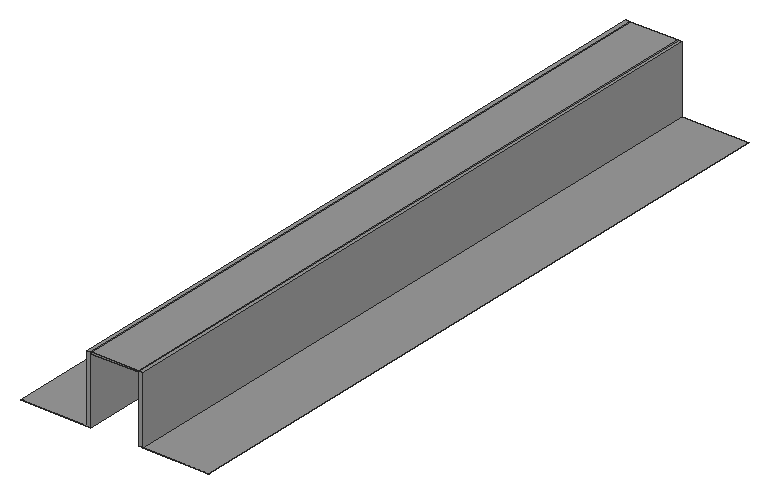
Revit family "OKA-G Installationkanal mit Gewebe_blind_Höhe 40-240mm", category Generic Models, Revit 2015
Parameters (values of type "OKA-G20040240")
  Width = 200 mm
  URL = "http://www.obo-bettermann.com"
  Material = Steel, Galvanized
  Manufacturer Art. No. = "7424020"
  Manufacturer = "OBO Bettermann"
  Length [instance] = 2400 mm
  Height [instance] = 240 mm
  GTIN = "4012195243007"
  Article Type = "OKA-G20040240"
Types (6, lengths in mm): name | Width | Manufacturer Art. No. | GTIN | Article Type
  (no name) | 200 | "7424020" | "4012195243007" | "OKA-G20040240"
  OKA-G20040240 | 200 | "7424020" | "4012195243007" | "OKA-G20040240"
  OKA-G30040240 | 300 | "7424022" | "4012195243045" | "OKA-G30040240"
  OKA-G40040240 | 400 | "7424024" | "4012195243052" | "OKA-G40040240"
  OKA-G50040240 | 500 | "7424026" | "4012195243069" | "OKA-G50040240"
  OKA-G60040240 | 600 | "7424028" | "4012195243106" | "OKA-G60040240"
Reference planes
  plane 1 "Center (Front/Back)": y = 0
  plane 2: z = 0
  plane 3 "Center (Left/Right)": x = 0
  plane 4: z = 240
  plane 5: y = -2400
  plane 6: x = 100
  plane 7: x = -100
Forms (mm)
  Extrusion 1, solid, material "Aluminum 6061"
    sketch origin (0, 0, 0) x (1, 0, 0) y (0, 0, 1)
      loop
        line (85, 240) -> (85, 0) -> (335, 0) -> (335, 1) -> (100, 1) -> (100, 240) -> (85, 240)
      loop
        line (-100, 1) -> (-335, 1) -> (-335, 0) -> (-85, 0) -> (-85, 240) -> (-100, 240) -> (-100, 1)
    from 0 to 2400
  Extrusion 2, solid, material "Steel, Galvanized" <- "Material"
    sketch origin (0, 0, 0) x (1, 0, 0) y (0, 0, 1)
      loop
        line (85, 236) -> (85, 240) -> (-85, 240) -> (-85, 236) -> (85, 236)
    from 0 to 2400
Lines and regions (mm)
  model lines
    curve 1: line (-100, 0, 240) -> (-85, 0, 240)
    curve 2: line (-85, 0, 240) -> (-85, 0, 0)
    curve 3: line (-85, 0, 0) -> (-335, 0, 0)
    curve 4: line (-335, 0, 0) -> (-335, 0, 1)
    curve 5: line (-335, 0, 1) -> (-100, 0, 1)
    curve 6: line (-100, 0, 1) -> (-100, 0, 240)
    curve 7: line (85, 0, 240) -> (85, 0, 0)
    curve 8: line (85, 0, 0) -> (335, 0, 0)
    curve 9: line (335, 0, 0) -> (335, 0, 1)
    curve 10: line (335, 0, 1) -> (100, 0, 1)
    curve 11: line (100, 0, 1) -> (100, 0, 240)
    curve 12: line (100, 0, 240) -> (85, 0, 240)
    curve 13: line (85, 0, 240) -> (85, 0, 0)
    curve 14: line (-85, 0, 0) -> (-85, 0, 240)
    curve 15: line (-85, 0, 240) -> (85, 0, 240)
    curve 16: line (-85, 0, 236) -> (85, 0, 236)
Dimensions and locks
  locked: curve 5 to curve 3 at 1
  locked: curve 2 to curve 6 at 15
  locked: curve 10 to curve 8 at 1
  locked: curve 2 to curve 4 at 250
  locked: curve 9 to curve 7 at 250
  locked: curve 11 to curve 7 at 15
  "Length": plane 1 "Center (Front/Back)" to plane 5
  equal spacing: plane 7, plane 3 "Center (Left/Right)", plane 6
  "Width": plane 7 to plane 6
  "Height": level to plane 4
  locked: curve 16 to curve 15 at 4
  aligned and locked: level to plane 2
  aligned and locked: level to curve 3
  aligned and locked: curve 6 to plane 7
  aligned and locked: curve 11 to plane 6
  aligned and locked: plane 4 to curve 1
  aligned and locked: curve 8 to level
  aligned and locked: Extrusion 1 sketch curve to curve 13
  aligned and locked: Extrusion 1 sketch curve to curve 12
  aligned and locked: Extrusion 1 sketch curve to curve 11
  aligned and locked: Extrusion 1 sketch curve to curve 10
  aligned and locked: Extrusion 1 sketch curve to curve 9
  aligned and locked: Extrusion 1 sketch curve to curve 8
  aligned and locked: Extrusion 1 sketch curve to curve 6
  aligned and locked: Extrusion 1 sketch curve to curve 14
  aligned and locked: Extrusion 1 sketch curve to curve 1
  aligned and locked: Extrusion 1 sketch curve to curve 5
  aligned and locked: Extrusion 1 sketch curve to curve 3
  aligned and locked: Extrusion 1 sketch curve to curve 4
  aligned and locked: Extrusion 1 to plane 5
  aligned and locked: Extrusion 2 sketch curve to curve 16
  aligned and locked: Extrusion 2 sketch curve to curve 15
  aligned and locked: Extrusion 2 sketch curve to curve 2
  aligned and locked: Extrusion 2 sketch curve to curve 7
  aligned and locked: Extrusion 2 to plane 5
